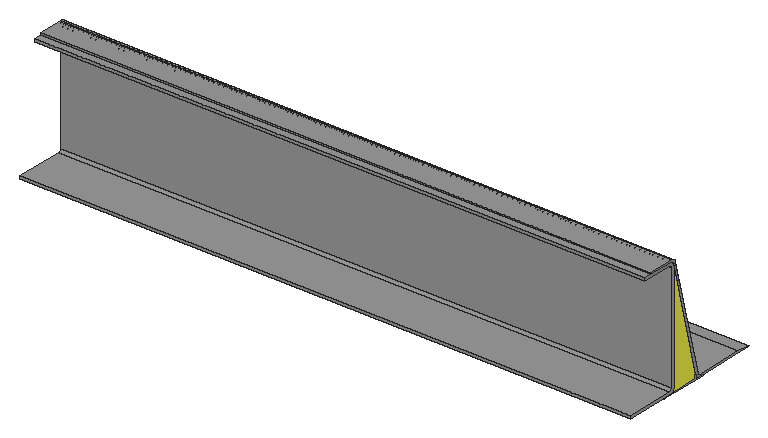
Revit family "XCFS K 70 WOL", category Generic Models, Revit 2014
Parameters (values of type "Max lintel length 3600mm")
  URL = "http://www.keystonelintels.co.uk"
  Structural Opening [instance] = 900 mm
  Structural Performance = "The Keystone lintel range has safe working loads as detailed in each applicable loading table in the Keystone Lintel Guide brochure. The structural performance figures within each table have been ascertained by testing in accordance with the requirements of standards BS EN 5977-2: 1983 and BS EN 845-2: 2003."
  RIBA Productor Selector = "available for Keystone Lintels Ltd from Keystone Lintels Ltd from ribaproductselector.com"
  Model = "XCFS/K 70 WOL"
  Min Length = 600 mm
  Min Clear Span = 300 mm
  Max Length = 3600 mm
  Max Clear Span = 3600 mm
  Material - Stainless Steel = "Grade 304 2b 1.4307 to BS EN 10088-2. Other grades available on request: contact manufacturer."
  Material - Galvanised Steel = "To BS EN 10346: 2009. DX51D plus Z600 or grade Z275 to BS 5977-2: 1983 (BS EN 845-2: 2003)."
  Manufacturer = "Keystone"
  Manufactured Length [instance] = (roundup(Effective Length / 150 mm) * 150 mm)  # 1200 mm
  Lintel height [instance] = 2100 mm
  Keynote = "F30/755"
  Fire Performance = "Keystone lintels have been subjected to a fire test (WARRES No. 101263) in accordance with BS 476-20: 1987, at Exova Warrington Fire and achieved a one hour fire performance."
  End Bearing = 150 mm
  Effective Length [instance] = Clear Opening with MIN MAX set + End Bearing * 2  # 1200 mm
  Corrosion = "Keystone’s standard range of lintels are manufactured from high quality grade pre-galvanized carbon steel with a zinc coating of 600"
  Contact Tel = "+44 (0)28 8676 2184"
  Contact Email = "info@keystonelintels.co.uk"
  Clear Opening with MIN MAX set [instance] = if(Structural Opening < Min Clear Span, Min Clear Span, (if(Structural Opening > Max Clear Span, Max Clear Span, Structural Opening)))  # 900 mm
  CPD Information = "Available for Keystone Lintels Ltd from ribacpd.com"
Reference planes
  plane 1 "Center (Front/Back)": y = 0
  plane 2: z = 0
  plane 3 "Center (Left/Right)": x = 0
  plane 4: x = -600
  plane 5: x = 600
  plane 6: z = 2100
  plane 7: x = -450
  plane 8: x = 450
Forms (mm)
  Extrusion 1, solid, material "Steel"
    sketch origin (0, 728.453, -493.091) x (0, 1, 0) y (0, 0, 1)
      loop
        line (-598.024, 2593.091) -> (-573.079, 2592.223) -> (-572.968, 2595.421) -> (-597.968, 2596.291) -> (-692.797, 2596.291)
        arc (-692.797, 2596.291) -> (-695.91, 2597.379) -> (-697.669, 2600.169) r 5
        line (-697.669, 2600.169) -> (-753.013, 2822.031)
        arc (-753.013, 2822.031) -> (-755.898, 2826.607) -> (-761.004, 2828.391) r 8.2
        line (-761.004, 2828.391) -> (-811.284, 2828.391) -> (-811.284, 2825.191) -> (-761.004, 2825.191)
        arc (-761.004, 2825.191) -> (-757.881, 2824.095) -> (-756.126, 2821.288) r 5
        line (-756.126, 2821.288) -> (-700.78, 2599.419)
        arc (-700.78, 2599.419) -> (-697.89, 2594.865) -> (-692.797, 2593.091) r 8.2
        line (-692.797, 2593.091) -> (-598.024, 2593.091)
    from -600 to 600
  Extrusion 2, solid, material "Steel"
    sketch origin (0, 728.453, -493.091) x (0, 1, 0) y (0, 0, 1)
      loop
        arc (-766.004, 2593.091) -> (-758.933, 2596.02) -> (-756.004, 2603.091) r 10
        line (-756.004, 2603.091) -> (-756.004, 2815.191)
        arc (-756.004, 2815.191) -> (-758.933, 2822.262) -> (-766.004, 2825.191) r 10
        line (-766.004, 2825.191) -> (-826.004, 2825.191) -> (-826.004, 2820.191) -> (-766.004, 2820.191)
        arc (-766.004, 2820.191) -> (-762.469, 2818.727) -> (-761.004, 2815.191) r 5
        line (-761.004, 2815.191) -> (-761.004, 2603.091)
        arc (-761.004, 2603.091) -> (-762.469, 2599.556) -> (-766.004, 2598.091) r 5
        line (-766.004, 2598.091) -> (-861.004, 2598.091) -> (-861.004, 2593.091) -> (-766.004, 2593.091)
    from -600 to 600
  Extrusion 3, solid, material "Steel"
    sketch origin (0, 728.453, -493.091) x (0, 1, 0) y (0, 0, 1)
      loop
        line (-780.534, 2592.091) -> (-685.534, 2592.091) -> (-685.534, 2593.091) -> (-702.534, 2593.091) -> (-702.534, 2601.091) -> (-703.534, 2601.091) -> (-703.534, 2593.091) -> (-780.534, 2593.091) -> (-780.534, 2592.091)
    from -600 to 600
  Extrusion 4, solid, material "Insulation"
    sketch origin (0, 728.453, -493.091) x (0, 1, 0) y (0, 0, 1)
      loop
        arc (-692.797, 2593.091) -> (-697.89, 2594.865) -> (-700.78, 2599.419) r 8.2
        line (-700.78, 2599.419) -> (-756.126, 2821.288)
        arc (-756.126, 2821.288) -> (-757.881, 2824.095) -> (-761.004, 2825.191) r 5
        line (-761.004, 2825.191) -> (-766.004, 2825.191)
        arc (-766.004, 2825.191) -> (-758.933, 2822.262) -> (-756.004, 2815.191) r 10
        line (-756.004, 2815.191) -> (-756.004, 2603.091)
        arc (-756.004, 2603.091) -> (-758.933, 2596.02) -> (-766.004, 2593.091) r 10
        line (-766.004, 2593.091) -> (-703.534, 2593.091) -> (-703.534, 2601.091) -> (-702.534, 2601.091) -> (-702.534, 2593.091) -> (-692.797, 2593.091)
    from -600 to 600
  Extrusion 5, solid, not visible
    sketch origin (0, 954.902, 1250.823) x (0, 1, 0) y (0, 0, 1)
      loop
        line (-598.024, 993.091) -> (-573.079, 992.223) -> (-572.968, 995.421) -> (-597.968, 996.291) -> (-692.797, 996.291)
        arc (-692.797, 996.291) -> (-695.91, 997.379) -> (-697.669, 1000.169) r 5
        line (-697.669, 1000.169) -> (-753.013, 1222.031)
        arc (-753.013, 1222.031) -> (-755.898, 1226.607) -> (-761.004, 1228.391) r 8.2
        line (-761.004, 1228.391) -> (-811.284, 1228.391) -> (-811.284, 1225.191) -> (-761.004, 1225.191)
        arc (-761.004, 1225.191) -> (-757.881, 1224.095) -> (-756.126, 1221.288) r 5
        line (-756.126, 1221.288) -> (-700.78, 999.419)
        arc (-700.78, 999.419) -> (-697.89, 994.865) -> (-692.797, 993.091) r 8.2
        line (-692.797, 993.091) -> (-598.024, 993.091)
    from 0 to 250
  Extrusion 6, solid, not visible
    sketch origin (0, 542.631, 1322.91) x (0, 1, 0) y (0, 0, 1)
      loop
        arc (-766.004, 993.091) -> (-758.933, 996.02) -> (-756.004, 1003.091) r 10
        line (-756.004, 1003.091) -> (-756.004, 1215.191)
        arc (-756.004, 1215.191) -> (-758.933, 1222.262) -> (-766.004, 1225.191) r 10
        line (-766.004, 1225.191) -> (-826.004, 1225.191) -> (-826.004, 1220.191) -> (-766.004, 1220.191)
        arc (-766.004, 1220.191) -> (-762.469, 1218.727) -> (-761.004, 1215.191) r 5
        line (-761.004, 1215.191) -> (-761.004, 1003.091)
        arc (-761.004, 1003.091) -> (-762.469, 999.556) -> (-766.004, 998.091) r 5
        line (-766.004, 998.091) -> (-861.004, 998.091) -> (-861.004, 993.091) -> (-766.004, 993.091)
    from 0 to 250
  Extrusion 7, solid, not visible
    sketch origin (0, 936.796, 1018.561) x (0, 1, 0) y (0, 0, 1)
      loop
        line (-780.534, 992.091) -> (-685.534, 992.091) -> (-685.534, 993.091) -> (-702.534, 993.091) -> (-702.534, 1001.091) -> (-703.534, 1001.091) -> (-703.534, 993.091) -> (-780.534, 993.091) -> (-780.534, 992.091)
    from 0 to 250
  Extrusion 8, solid, not visible
    sketch origin (0, 583.055, 844.049) x (0, 1, 0) y (0, 0, 1)
      loop
        arc (-692.797, 993.091) -> (-697.89, 994.865) -> (-700.78, 999.419) r 8.2
        line (-700.78, 999.419) -> (-756.126, 1221.288)
        arc (-756.126, 1221.288) -> (-757.881, 1224.095) -> (-761.004, 1225.191) r 5
        line (-761.004, 1225.191) -> (-766.004, 1225.191)
        arc (-766.004, 1225.191) -> (-758.933, 1222.262) -> (-756.004, 1215.191) r 10
        line (-756.004, 1215.191) -> (-756.004, 1003.091)
        arc (-756.004, 1003.091) -> (-758.933, 996.02) -> (-766.004, 993.091) r 10
        line (-766.004, 993.091) -> (-703.534, 993.091) -> (-703.534, 1001.091) -> (-702.534, 1001.091) -> (-702.534, 993.091) -> (-692.797, 993.091)
    from 0 to 250
Dimensions and locks
  equal spacing: plane 4, plane 3 "Center (Left/Right)", plane 5
  "Manufactured Length": plane 4 to plane 5
  "Lintel height": plane 6 to level
  "Structural Opening": plane 7 to plane 8
  equal spacing: plane 7, plane 3 "Center (Left/Right)", plane 8
  aligned and locked: level to plane 2
  aligned and locked: Extrusion 1 to plane 6
  aligned and locked: Extrusion 4 to plane 6
  aligned and locked: Extrusion 2 to plane 6
  aligned and locked: plane 6 to Extrusion 3
  aligned and locked: plane 5 to Extrusion 1
  aligned and locked: Extrusion 1 to plane 4
  aligned and locked: plane 5 to Extrusion 4
  aligned and locked: Extrusion 4 to plane 4
  aligned and locked: plane 5 to Extrusion 3
  aligned and locked: Extrusion 3 to plane 4
  aligned and locked: plane 5 to Extrusion 2
  aligned and locked: Extrusion 2 to plane 4
Automatic sketch dimensions
  Extrusion 1 sketch curve to Extrusion 1 sketch curve = 24.944 mm
  Extrusion 1 sketch curve to Extrusion 1 sketch curve = 0.111 mm
  Extrusion 1 sketch curve to Extrusion 1 sketch curve = 0.868 mm
  Extrusion 1 sketch curve to Extrusion 1 sketch curve = 0.056 mm
  Extrusion 1 sketch curve to Extrusion 1 sketch curve = 94.773 mm
  Extrusion 1 sketch curve to Extrusion 1 sketch curve = 0 mm  (x8)
  Extrusion 1 sketch curve to Extrusion 1 sketch curve = 5 mm
  Extrusion 1 sketch curve to Extrusion 1 sketch curve = 7.984 mm
  Extrusion 1 sketch curve to Extrusion 1 sketch curve = 3.111 mm
  Extrusion 1 sketch curve to Extrusion 1 sketch curve = 55.346 mm
  Extrusion 1 sketch curve to Extrusion 1 sketch curve = 221.869 mm
  Extrusion 1 sketch curve to Extrusion 1 sketch curve = 3.113 mm
  Extrusion 1 sketch curve to Extrusion 1 sketch curve = 0.743 mm
  Extrusion 1 sketch curve to Extrusion 1 sketch curve = 4.878 mm
  Extrusion 1 sketch curve to Extrusion 1 sketch curve = 1.097 mm
  Extrusion 1 sketch curve to Extrusion 1 sketch curve = 50.28 mm
  Extrusion 2 sketch curve to Extrusion 2 sketch curve = 95 mm
  Extrusion 2 sketch curve to Extrusion 2 sketch curve = 5 mm  (x3)
  Extrusion 2 sketch curve to Extrusion 2 sketch curve = 212.1 mm
  Extrusion 2 sketch curve to Extrusion 2 sketch curve = 0 mm  (x8)
  Extrusion 2 sketch curve to Extrusion 2 sketch curve = 60 mm
  Extrusion 3 sketch curve to Extrusion 3 sketch curve = 95 mm
  Extrusion 3 sketch curve to Extrusion 3 sketch curve = 1 mm  (x2)
  Extrusion 3 sketch curve to Extrusion 3 sketch curve = 17 mm
  Extrusion 3 sketch curve to Extrusion 3 sketch curve = 8 mm
  Extrusion 3 sketch curve to Extrusion 3 sketch curve = 0 mm
  Extrusion 4 sketch curve to Extrusion 4 sketch curve = 7.984 mm
  Extrusion 4 sketch curve to Extrusion 4 sketch curve = 1.753 mm
  Extrusion 4 sketch curve to Extrusion 4 sketch curve = 0 mm  (x4)
  Extrusion 4 sketch curve to Extrusion 4 sketch curve = 1.872 mm
  Extrusion 4 sketch curve to Extrusion 4 sketch curve = 55.346 mm
  Extrusion 4 sketch curve to Extrusion 4 sketch curve = 221.869 mm
  Extrusion 4 sketch curve to Extrusion 4 sketch curve = 1.672 mm
  Extrusion 4 sketch curve to Extrusion 4 sketch curve = 1 mm
  Extrusion 4 sketch curve to Extrusion 4 sketch curve = 62.471 mm
  Extrusion 4 sketch curve to Extrusion 4 sketch curve = 10 mm  (x2)
  Extrusion 4 sketch curve to Extrusion 4 sketch curve = 6.097 mm
  Extrusion 4 sketch curve to Extrusion 4 sketch curve = 4.878 mm
  Extrusion 4 sketch curve to Extrusion 4 sketch curve = 1.097 mm
  Extrusion 4 sketch curve to Extrusion 4 sketch curve = 5 mm
  Extrusion 4 sketch curve to Extrusion 4 sketch curve = 6.328 mm
  Extrusion 5 sketch curve to Extrusion 5 sketch curve = 24.944 mm
  Extrusion 5 sketch curve to Extrusion 5 sketch curve = 0.111 mm
  Extrusion 5 sketch curve to Extrusion 5 sketch curve = 0.868 mm
  Extrusion 5 sketch curve to Extrusion 5 sketch curve = 0.056 mm
  Extrusion 5 sketch curve to Extrusion 5 sketch curve = 94.773 mm
  Extrusion 5 sketch curve to Extrusion 5 sketch curve = 0 mm  (x8)
  Extrusion 5 sketch curve to Extrusion 5 sketch curve = 5 mm
  Extrusion 5 sketch curve to Extrusion 5 sketch curve = 7.984 mm
  Extrusion 5 sketch curve to Extrusion 5 sketch curve = 3.111 mm
  Extrusion 5 sketch curve to Extrusion 5 sketch curve = 55.346 mm
  Extrusion 5 sketch curve to Extrusion 5 sketch curve = 221.869 mm
  Extrusion 5 sketch curve to Extrusion 5 sketch curve = 3.113 mm
  Extrusion 5 sketch curve to Extrusion 5 sketch curve = 0.743 mm
  Extrusion 5 sketch curve to Extrusion 5 sketch curve = 4.878 mm
  Extrusion 5 sketch curve to Extrusion 5 sketch curve = 1.097 mm
  Extrusion 5 sketch curve to Extrusion 5 sketch curve = 50.28 mm
  Extrusion 6 sketch curve to Extrusion 6 sketch curve = 95 mm
  Extrusion 6 sketch curve to Extrusion 6 sketch curve = 5 mm  (x3)
  Extrusion 6 sketch curve to Extrusion 6 sketch curve = 0 mm  (x8)
  Extrusion 6 sketch curve to Extrusion 6 sketch curve = 212.1 mm
  Extrusion 6 sketch curve to Extrusion 6 sketch curve = 60 mm
  Extrusion 7 sketch curve to Extrusion 7 sketch curve = 95 mm
  Extrusion 7 sketch curve to Extrusion 7 sketch curve = 1 mm  (x2)
  Extrusion 7 sketch curve to Extrusion 7 sketch curve = 17 mm
  Extrusion 7 sketch curve to Extrusion 7 sketch curve = 8 mm
  Extrusion 7 sketch curve to Extrusion 7 sketch curve = 0 mm
  Extrusion 8 sketch curve to Extrusion 8 sketch curve = 7.984 mm
  Extrusion 8 sketch curve to Extrusion 8 sketch curve = 1.753 mm
  Extrusion 8 sketch curve to Extrusion 8 sketch curve = 0 mm  (x4)
  Extrusion 8 sketch curve to Extrusion 8 sketch curve = 1.872 mm
  Extrusion 8 sketch curve to Extrusion 8 sketch curve = 55.346 mm
  Extrusion 8 sketch curve to Extrusion 8 sketch curve = 221.869 mm
  Extrusion 8 sketch curve to Extrusion 8 sketch curve = 1.672 mm
  Extrusion 8 sketch curve to Extrusion 8 sketch curve = 1 mm
  Extrusion 8 sketch curve to Extrusion 8 sketch curve = 62.471 mm
  Extrusion 8 sketch curve to Extrusion 8 sketch curve = 10 mm  (x2)
  Extrusion 8 sketch curve to Extrusion 8 sketch curve = 6.097 mm
  Extrusion 8 sketch curve to Extrusion 8 sketch curve = 4.878 mm
  Extrusion 8 sketch curve to Extrusion 8 sketch curve = 1.097 mm
  Extrusion 8 sketch curve to Extrusion 8 sketch curve = 5 mm
  Extrusion 8 sketch curve to Extrusion 8 sketch curve = 6.328 mm
  Extrusion 4 sketch curve to plane 6 = 0 mm
  plane 1 "Center (Front/Back)" to Extrusion 4 sketch curve = 37.551 mm
  Extrusion 2 sketch curve to plane 6 = 0 mm
  plane 1 "Center (Front/Back)" to Extrusion 2 sketch curve = 132.551 mm
  Extrusion 3 sketch curve to plane 6 = 0 mm
  plane 1 "Center (Front/Back)" to Extrusion 3 sketch curve = 52.081 mm
  Extrusion 1 sketch curve to plane 6 = 0 mm
  plane 1 "Center (Front/Back)" to Extrusion 1 sketch curve = 82.831 mm
